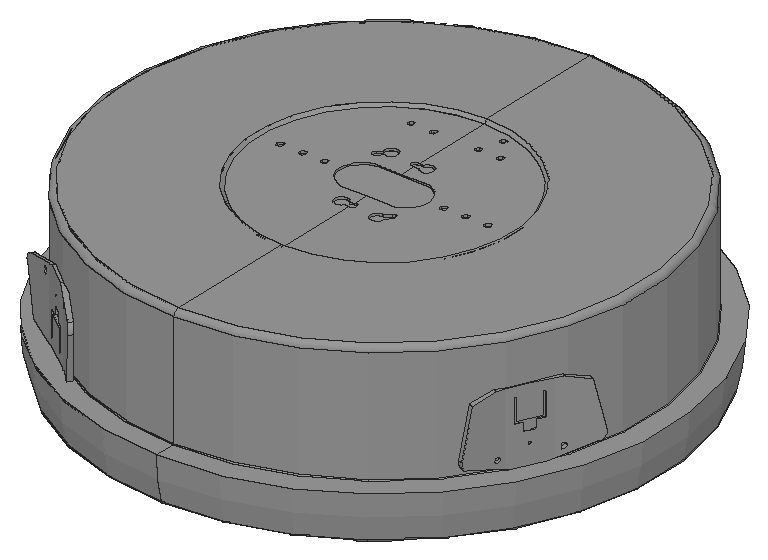
Revit family "Pelee Downlighter", category Lighting Fixtures, host Ceiling, Revit 2014
Parameters (values of type "Pelee_385_28 W_Downlighter")
  άͦ = "0"
  Youtube clip = ""
  Width = 385 mm
  Weight Net (Kg) = "0"
  Wattage = 17.8401 W
  Watt = "28 W"
  built-in parameter 1150110 = 1 (stored number, unit not read)
  Visible 385 = yes
  Visible 250 = no
  Uniclass 2.0 Description = ""
  Uniclass 2.0 Code = ""
  Uniclass 1.4 Description = ""
  Uniclass 1.4 Code = ""
  URL = "http://focuslighting.bimobject.com/fl_pel_385"
  UNSPSC Code = "391016"
  built-in parameter 1114217 = 1 (stored number, unit not read)
  Tilt Angle = 60.00°
  built-in parameter 1150109 = 1 (stored number, unit not read)
  built-in parameter 1150134 = 1
  Technical description = "http://www.focus-lighting.dk/media/pdf/28330_pel-e385.pdf"
  built-in parameter 1150113 = 1 (stored number, unit not read)
  Region South America = "None"
  Region Oceania = "None"
  Region North America = "None"
  Region Middle East = "None"
  Region Europe = "DE, DK, SE"
  Region Asia = "None"
  Region Antarctica = "None"
  Region Africa = "None"
  QR code = "http://focuslighting.bimobject.com/fl_pel_385"
  Product group = "Downlighters"
  Product family = "Indoor"
  Product data url = "http://www.focus-lighting.dk/showproduct.php?productId=56&productVariantId=78#description"
  Product certification = ""
  Product SKU = "fl_pel_385"
  Photometric Web File = "BS700-70D.ies"
  Output Ratio = "82 percent"
  Operational Life = "min 50,000 hours at ta 25ºC"
  Nominal width = "385"
  Nominal height = "114"
  NBS Reference Description = ""
  NBS Reference Code = ""
  Material Secondary = Acrylic-Focus Lighting-Switch-Polished
  Material Main = Aluminum-Focus Lighting-Pelee 385-Satin
  Manufacturer url = "http://www.focus-lighting.dk"
  Manufacturer name = "Focus Lighting"
  Manufacturer country = "Denmark"
  Lumens = 2650 lm
  built-in parameter 1150115 = 1 (stored number, unit not read)
  built-in parameter 1150105 = 210.88 (stored number, unit not read)
  built-in parameter 1150137 = (empty or 0)
  built-in parameter 1150139 = (empty or 0)
  built-in parameter 1150112 = 1 (stored number, unit not read)
  built-in parameter 1150114 = 1 (stored number, unit not read)
  Installation instructions = "http://www.focus-lighting.dk/media/pdf/pelee385_1.pdf"
  built-in parameter 1150132 = 2
  built-in parameter 1150102 = (empty or 0)
  built-in parameter 1150138 = (empty or 0)
  built-in parameter 1150107 = 6500 (stored number, unit not read)
  built-in parameter 1150106 = 2.1088 (stored number, unit not read)
  IFC Classification = "Light Fixture"
  Focus = "2.65x"
  built-in parameter 1150104 = 13.8 (stored number, unit not read)
  Edition number = "1"
  EAN code = ""
  Driver = "350-700 mA, extra for dimming"
  Dimming Lamp Color Temperature Shift = <None>
  Design country = "Denmark"
  Description = "Pelée or Mount Pelée is the name of an active volcano at the island of Martinique. It has inspired Cubo Architects to create the Pelée downlight, the conical inner circles of which diffuse light in a pleasant and non-glaring way. The light source is LED, and Pelée is available in two sizes: 250 and 385 mm."
  Depth = "385"
  Deep = 385 mm
  Date of publishing = ""
  Colour Temperature = "3000 Kelvin"
  Colour Rendering = "min 80 ra"
  Color Filter = 16777215
  Candela = "884.3 cd"
  COBIe Type Category = ""
  built-in parameter 1114218 = 1 (stored number, unit not read)
  BIMobject category = "Lighting"
  built-in parameter 1150133 = 10 (stored number, unit not read)
Reference planes
  plane 1 "Light Source Axis (F/B)": y = 0
  plane 2: z = 0
  plane 3 "Light Source Axis (L/R)": x = 0
  plane 4 "Ceiling": z = 0
  plane 5 "Light Source Elevation": z = 0
  plane 6: x = -192.5
  plane 7: x = 192.5
  plane 8: y = 192.5
  plane 9: y = -192.5
Dimensions and locks
  equal spacing: host sketch curve, plane 3 "Light Source Axis (L/R)", host sketch curve
  equal spacing: host sketch curve, plane 1 "Light Source Axis (F/B)", host sketch curve
  host sketch curve to host sketch curve = 4000 mm  (x2)
  locked: plane 4 "Ceiling" to host ceiling at 0
  level to plane 5 "Light Source Elevation" = 0 mm
  "Width": plane 6 to plane 7
  equal spacing: plane 6, plane 3 "Light Source Axis (L/R)", plane 7
  "Deep": plane 8 to plane 9
  equal spacing: plane 8, plane 1 "Light Source Axis (F/B)", plane 9
  aligned and locked: plane 3 "Light Source Axis (L/R)" to imposter light
  aligned and locked: plane 1 "Light Source Axis (F/B)" to imposter light
  aligned and locked: plane 5 "Light Source Elevation" to imposter light
  aligned and locked: imposter light to plane 4 "Ceiling"
  aligned and locked: plane 5 "Light Source Elevation" to level
  aligned and locked: level to imposter light
  aligned and locked: level to nested 2
Nested families
  nested 1: "250 Downlighter" at (0, 0, 81) x (1, 0, 0) z (0, 0, -1), visible <- "Visible 250", type "250 Downlighter"
    with Visible 250 no
  nested 2: "385 Downlighter" at (0, 0, 0) x (0, 1, 0) z (0, 0, -1), visible <- "Visible 385", type "385 Downlighter"
Definition of nested family "385 Downlighter"
  Parameters (values of type "385 Downlighter")
    Width = 385 mm
    Visible 385 = yes
    Matyerial Main = Aluminum-Focus Lighting-Pelee 385-Satin
    Material secondary = Acrylic-Focus Lighting-Switch-Polished
    Material Main = ""
    Height = 31 mm
    Default Elevation = 1219.2 mm
    Deep = 385 mm
  Reference planes
    plane 1 "Center (Front/Back)": y = 0
    plane 2: z = 0
    plane 3 "Center (Left/Right)": x = 0
    plane 4: x = -192.5
    plane 5: x = 192.5
    plane 6: y = 192.5
    plane 7: y = -192.5
    plane 8: z = 31
    plane 9: x = -192.5
    plane 10: z = -81
  Forms (mm)
    Extrusion 1, solid
      sketch origin (0, 0, 0) x (1, 0, 0) y (0, 1, 0)
        loop
          line (-1219.2, 1219.2) -> (-1219.2, -1219.2) -> (1219.2, -1219.2) -> (1219.2, 1219.2) -> (-1219.2, 1219.2)
      from 0 to -304.8
    Revolve 2, solid, material "Aluminum-Focus Lighting-Pelee 385-Satin" <- "Matyerial Main", visible <- "Visible 385", detail levels fine
      sketch origin (0, 0, 1419) x (1, 0, 0) y (0, 0, 1)
        loop
          arc (-187.678, -1388.613) -> (-191.02, -1403.659) -> (-192.5, -1419) r 126.034
          line (-192.5, -1419) -> (-178.1, -1419)
          arc (-178.1, -1419) -> (-177.676, -1419.176) -> (-177.5, -1419.6) r 0.6
          line (-177.5, -1419.6) -> (-177.5, -1496)
          arc (-177.5, -1496) -> (-176.328, -1498.828) -> (-173.5, -1500) r 4
          line (-173.5, -1500) -> (-86.75, -1500) -> (-84.813, -1498.062) -> (0, -1498.062) -> (0, -1497.062) -> (-85.227, -1497.062) -> (-87.164, -1499) -> (-173.5, -1499)
          arc (-173.5, -1499) -> (-175.621, -1498.121) -> (-176.5, -1496) r 3
          line (-176.5, -1496) -> (-176.5, -1420) -> (0, -1420) -> (0, -1419) -> (-164.038, -1419) -> (-164.038, -1414.774) -> (-161.038, -1414.774) -> (-161.169, -1413.274)
          arc (-161.169, -1413.274) -> (-161.443, -1412.718) -> (-162.021, -1412.493) r 0.855
          line (-162.021, -1412.493) -> (-163.15, -1412.493)
          arc (-163.15, -1412.493) -> (-163.728, -1412.269) -> (-164.002, -1411.713) r 0.855
          line (-164.002, -1411.713) -> (-164.133, -1410.213)
          arc (-164.133, -1410.213) -> (-164.408, -1409.656) -> (-164.986, -1409.432) r 0.855
          line (-164.986, -1409.432) -> (-166.114, -1409.432)
          arc (-166.114, -1409.432) -> (-166.692, -1409.207) -> (-166.966, -1408.651) r 0.855
          line (-166.966, -1408.651) -> (-167.098, -1407.151)
          arc (-167.098, -1407.151) -> (-167.372, -1406.595) -> (-167.95, -1406.37) r 0.855
          line (-167.95, -1406.37) -> (-169.078, -1406.37)
          arc (-169.078, -1406.37) -> (-169.656, -1406.145) -> (-169.931, -1405.589) r 0.855
          line (-169.931, -1405.589) -> (-170.062, -1404.089)
          arc (-170.062, -1404.089) -> (-170.336, -1403.533) -> (-170.914, -1403.308) r 0.855
          line (-170.914, -1403.308) -> (-172.043, -1403.308)
          arc (-172.043, -1403.308) -> (-172.621, -1403.084) -> (-172.895, -1402.528) r 0.855
          line (-172.895, -1402.528) -> (-173.026, -1401.028)
          arc (-173.026, -1401.028) -> (-173.3, -1400.471) -> (-173.878, -1400.247) r 0.855
          line (-173.878, -1400.247) -> (-175.007, -1400.247)
          arc (-175.007, -1400.247) -> (-175.585, -1400.022) -> (-175.859, -1399.466) r 0.855
          line (-175.859, -1399.466) -> (-175.99, -1397.966)
          arc (-175.99, -1397.966) -> (-176.264, -1397.41) -> (-176.842, -1397.185) r 0.855
          line (-176.842, -1397.185) -> (-177.971, -1397.185)
          arc (-177.971, -1397.185) -> (-178.549, -1396.96) -> (-178.823, -1396.404) r 0.855
          line (-178.823, -1396.404) -> (-178.954, -1394.904)
          arc (-178.954, -1394.904) -> (-179.229, -1394.348) -> (-179.807, -1394.123) r 0.855
          line (-179.807, -1394.123) -> (-180.935, -1394.123)
          arc (-180.935, -1394.123) -> (-181.513, -1393.899) -> (-181.787, -1393.343) r 0.855
          line (-181.787, -1393.343) -> (-181.919, -1391.843)
          arc (-181.919, -1391.843) -> (-182.193, -1391.286) -> (-182.771, -1391.062) r 0.855
          line (-182.771, -1391.062) -> (-183.899, -1391.062)
          arc (-183.899, -1391.062) -> (-184.477, -1390.837) -> (-184.752, -1390.281) r 0.855
          line (-184.752, -1390.281) -> (-184.883, -1388.781)
          arc (-184.883, -1388.781) -> (-185.157, -1388.225) -> (-185.735, -1388) r 0.855
          line (-185.735, -1388) -> (-186.864, -1388)
          arc (-186.864, -1388) -> (-187.373, -1388.17) -> (-187.678, -1388.613) r 0.847
        axis (0, -1388) -> (0, -1500)
      angle from 0 to 360
    Extrusion 3, void
      sketch origin (0, 0, 1419) x (0, -1, 0) y (1, 0, 0)
        loop
          line (-15, -15) -> (15, -15)
          arc (15, -15) -> (30, 0) -> (15, 15) r 15
          line (15, 15) -> (-15, 15)
          arc (-15, 15) -> (-30, 0) -> (-15, -15) r 15
        loop
          circle (-40.144, 0) r 2.25
        loop
          circle (-55.144, 0) r 2.25
        loop
          circle (-70.144, 0) r 2.25
        loop
          circle (40.144, 0) r 2.25
        loop
          circle (55.144, 0) r 2.25
        loop
          circle (70.144, 0) r 2.25
        loop
          arc (3.02, -29.79) -> (11.388, -27.49) -> (3.02, -25.19) r 4.5
          line (3.02, -25.19) -> (-1.25, -25.19)
          arc (-1.25, -25.19) -> (-3.55, -27.49) -> (-1.25, -29.79) r 2.3
          line (-1.25, -29.79) -> (3.02, -29.79)
        loop
          arc (-23.343, -28.481) -> (-15.799, -32.772) -> (-20.09, -25.228) r 4.5
          line (-20.09, -25.228) -> (-23.11, -22.209)
          arc (-23.11, -22.209) -> (-26.362, -22.209) -> (-26.362, -25.462) r 2.3
          line (-26.362, -25.462) -> (-23.343, -28.481)
        loop
          arc (-3.02, 29.79) -> (-11.388, 27.49) -> (-3.02, 25.19) r 4.5
          line (-3.02, 25.19) -> (1.25, 25.19)
          arc (1.25, 25.19) -> (3.55, 27.49) -> (1.25, 29.79) r 2.3
          line (1.25, 29.79) -> (-3.02, 29.79)
        loop
          arc (23.343, 28.481) -> (15.799, 32.772) -> (20.09, 25.228) r 4.5
          line (20.09, 25.228) -> (23.11, 22.209)
          arc (23.11, 22.209) -> (26.362, 22.209) -> (26.362, 25.462) r 2.3
          line (26.362, 25.462) -> (23.343, 28.481)
        loop
          circle (30.191, 60.635) r 2
        loop
          circle (15.191, 60.635) r 2
        loop
          circle (-30.191, 60.635) r 2
        loop
          circle (-15.191, 60.635) r 2
        loop
          circle (-19.923, 75.858) r 2
      from -1497.062 to -1499
    Extrusion 4, solid, visible <- "Visible 385", detail levels coarse
      sketch origin (0, 0, -1469) x (0, -1, 0) y (1, 0, 0)
        loop
          circle (0, 0) r 192.5
      from 1388 to 1500
    Revolve 5, solid, visible <- "Visible 385", detail levels medium
      sketch origin (0, 0, 1419) x (1, 0, 0) y (0, 0, 1)
        loop
          line (-192.5, -1419) -> (-177.5, -1419) -> (-177.5, -1500) -> (0, -1500) -> (0, -1388) -> (-187.477, -1388)
          arc (-187.477, -1388) -> (-190.972, -1403.341) -> (-192.5, -1419) r 124.31
        axis (0, -1388) -> (0, -1500)
      angle from 0 to 360
  Cuts and joins
    Extrusion 3 cuts Revolve 2
  Lines and regions (mm)
    symbolic lines, visible <- "Visible 385"
      curve 1: arc (-192.5, 0, 0) -> (0, 192.5, 0) -> (192.5, 0, 0) r 192.5
      curve 2: arc (192.5, 0, 0) -> (0, -192.5, 0) -> (-192.5, 0, 0) r 192.5
      curve 65: line (-192.5, 0, 0) -> (-178.1, 0, 0)
      curve 66: arc (-192.5, 0, 0) -> (-191.041, 0, 15.224) -> (-187.724, 0, 30.154) r 124.31
      curve 67: arc (-187.724, 0, 30.154) -> (-187.526, 0, 30.703) -> (-187.024, 0, 31) r 0.861
      curve 68: line (-187.024, 0, 31) -> (187.024, 0, 31)
      curve 69: line (173.484, 0, -81) -> (-173.484, 0, -81)
      curve 70: line (-177.5, 0, -76.984) -> (-177.5, 0, -0.601)
      curve 71: arc (-177.5, 0, -76.984) -> (-176.324, 0, -79.824) -> (-173.484, 0, -81) r 4.016
      curve 72: arc (-177.5, 0, -0.601) -> (-177.676, 0, -0.176) -> (-178.1, 0, 0) r 0.6
      curve 107: line (177.5, 0, -76.984) -> (177.5, 0, -49.521)
      curve 108: arc (177.5, 0, -76.984) -> (176.324, 0, -79.824) -> (173.484, 0, -81) r 4.016
      curve 109: line (178.689, 0, -49.521) -> (177.5, 0, -49.521)
      curve 111: spline (183.025, 0, -41.777) -> (182.482, 0, -42.415) -> (181.972, 0, -43.054) -> (181.495, 0, -43.695) -> (181.05, 0, -44.338) -> (180.639, 0, -44.982) -> (180.261, 0, -45.627) -> (179.916, 0, -46.273) -> (179.604, 0, -46.921) -> (179.325, 0, -47.57) -> (179.08, 0, -48.219) -> (178.867, 0, -48.87) -> (178.689, 0, -49.521)
      curve 112: spline (183.868, 0, -35.807) -> (183.895, 0, -36.437) -> (183.903, 0, -37.076) -> (183.891, 0, -37.712) -> (183.859, 0, -38.337) -> (183.808, 0, -38.938) -> (183.739, 0, -39.508) -> (183.653, 0, -40.035) -> (183.552, 0, -40.513) -> (183.436, 0, -40.932) -> (183.308, 0, -41.286) -> (183.171, 0, -41.569) -> (183.025, 0, -41.777)
      curve 115: spline (182.15, 0, -4.012) -> (182.281, 0, -6.662) -> (182.414, 0, -9.312) -> (182.549, 0, -11.962) -> (182.687, 0, -14.612) -> (182.826, 0, -17.262) -> (182.968, 0, -19.912) -> (183.113, 0, -22.561) -> (183.259, 0, -25.211) -> (183.408, 0, -27.86) -> (183.559, 0, -30.509) -> (183.712, 0, -33.158) -> (183.868, 0, -35.807)
      curve 117: spline (179.643, 0, 0) -> (179.803, 0, -0.336) -> (179.972, 0, -0.672) -> (180.15, 0, -1.008) -> (180.336, 0, -1.343) -> (180.532, 0, -1.678) -> (180.737, 0, -2.013) -> (180.95, 0, -2.347) -> (181.172, 0, -2.681) -> (181.404, 0, -3.014) -> (181.644, 0, -3.347) -> (181.893, 0, -3.68) -> (182.15, 0, -4.012)
      curve 120: arc (192.5, 0, 0) -> (191.041, 0, 15.224) -> (187.724, 0, 30.154) r 124.31
      curve 121: arc (187.724, 0, 30.154) -> (187.526, 0, 30.703) -> (187.024, 0, 31) r 0.861
      curve 122: line (176.746, 0, 0) -> (179.643, 0, 0)
      curve 123: line (179.643, 0, 0) -> (192.5, 0, 0)
      curve 125: line (0, -192.5, 0) -> (0, -178.099, 0)
      curve 126: spline (0, 183.803, -36.065) -> (0, 183.851, -36.682) -> (0, 183.849, -37.303) -> (0, 183.799, -37.919) -> (0, 183.7, -38.52) -> (0, 183.555, -39.096) -> (0, 183.365, -39.64) -> (0, 183.134, -40.143) -> (0, 182.865, -40.596) -> (0, 182.562, -40.993) -> (0, 182.23, -41.328) -> (0, 181.874, -41.596) -> (0, 181.5, -41.792)
      curve 127: spline (0, 181.5, -41.792) -> (0, 181.16, -41.934) -> (0, 180.82, -42.077) -> (0, 180.482, -42.219) -> (0, 180.145, -42.362) -> (0, 179.81, -42.505) -> (0, 179.476, -42.647) -> (0, 179.143, -42.79) -> (0, 178.812, -42.933) -> (0, 178.482, -43.076) -> (0, 178.153, -43.22) -> (0, 177.826, -43.363) -> (0, 177.5, -43.506)
      curve 137: spline (0, 177.5, -3.335) -> (0, 177.628, -3.392) -> (0, 177.757, -3.448) -> (0, 177.886, -3.505) -> (0, 178.014, -3.561) -> (0, 178.144, -3.618) -> (0, 178.273, -3.674) -> (0, 178.402, -3.73) -> (0, 178.532, -3.787) -> (0, 178.662, -3.843) -> (0, 178.792, -3.899) -> (0, 178.923, -3.956) -> (0, 179.053, -4.012)
      curve 138: spline (0, 179.053, -4.012) -> (0, 179.438, -6.684) -> (0, 179.824, -9.356) -> (0, 180.213, -12.027) -> (0, 180.603, -14.698) -> (0, 180.996, -17.37) -> (0, 181.391, -20.041) -> (0, 181.788, -22.712) -> (0, 182.187, -25.383) -> (0, 182.588, -28.054) -> (0, 182.991, -30.724) -> (0, 183.396, -33.395) -> (0, 183.803, -36.065)
      curve 139: line (0, -173.467, -81) -> (0, 173.5, -81)
      curve 140: line (0, 177.5, -77) -> (0, 177.5, -43.506)
      curve 141: arc (0, 177.5, -77) -> (0, 176.328, -79.829) -> (0, 173.5, -81) r 4
      curve 142: arc (0, 178.099, 0) -> (0, 177.676, -0.176) -> (0, 177.5, -0.599) r 0.599
      curve 143: line (0, 177.5, -3.335) -> (0, 177.5, -0.599)
      curve 147: line (0, 178.099, 0) -> (0, 192.5, 0)
      curve 168: line (0, -177.5, -77) -> (0, -177.5, -0.599)
      curve 169: arc (0, -177.5, -77) -> (0, -176.317, -79.84) -> (0, -173.467, -81) r 4
      curve 170: arc (0, -178.099, 0) -> (0, -177.675, -0.176) -> (0, -177.5, -0.599) r 0.599
      curve 205: line (0, -186.938, 31) -> (0, 186.938, 31)
      curve 206: arc (0, 192.5, 0) -> (0, 191.049, 15.261) -> (0, 187.713, 30.225) r 123.09
      curve 207: arc (0, 187.713, 30.225) -> (0, 187.486, 30.773) -> (0, 186.938, 31) r 0.775
      curve 208: arc (0, -192.5, 0) -> (0, -191.049, 15.261) -> (0, -187.713, 30.225) r 123.09
      curve 209: arc (0, -187.713, 30.225) -> (0, -187.486, 30.773) -> (0, -186.938, 31) r 0.775
    symbolic lines, visible <- "Visible 385", detail levels medium+fine
      curve 3: arc (86.75, 0, 0) -> (0, -86.75, 0) -> (-86.75, 0, 0) r 86.75
      curve 4: arc (-86.75, 0, 0) -> (0, 86.75, 0) -> (86.75, 0, 0) r 86.75
      curve 5: arc (84.813, 0, 0) -> (0, 84.813, 0) -> (-84.813, 0, 0) r 84.813
      curve 6: arc (-84.813, 0, 0) -> (0, -84.813, 0) -> (84.813, 0, 0) r 84.813
      curve 49: circle (0, 0, 0) r 177.5 normal (0, 0, 1)
      curve 50: arc (-64.94, -176.519, 0) -> (-97.772, -149.114, 0) -> (-136.206, -130.357, 0) r 177.5
      curve 51: arc (-134.563, -127.869, 0) -> (-123.346, -132.241, 0) -> (-112.442, -137.343, 0) r 182.5
      curve 52: line (-136.206, -130.357, 0) -> (-134.563, -127.869, 0)
      curve 53: line (-64.94, -176.519, 0) -> (-63.234, -173.936, 0)
      curve 54: arc (-117.975, 146.485, 0) -> (-77.585, 160.545, 0) -> (-41.731, 183.857, 0) r 177.5
      curve 55: arc (-40.442, 181.169, 0) -> (-49.961, 173.798, 0) -> (-59.945, 167.071, 0) r 182.5
      curve 56: arc (183.014, 43.38, 0) -> (178.307, 0.871, 0) -> (183.905, -41.531, 0) r 177.5
      curve 57: arc (180.922, -41.531, 0) -> (178.37, -29.766, 0) -> (176.599, -17.858, 0) r 182.5
      curve 58: line (183.014, 43.38, 0) -> (179.92, 43.38, 0)
      curve 59: line (180.922, -41.531, 0) -> (183.905, -41.531, 0)
      curve 60: line (-40.442, 181.169, 0) -> (-41.731, 183.857, 0)
      curve 61: line (-116.637, 143.694, 0) -> (-117.975, 146.485, 0)
      curve 62: arc (-94.725, 150.112, 0) -> (-105.58, 146.56, 0) -> (-116.637, 143.694, 0) r 182.5
      curve 63: arc (-80.008, -158.445, 0) -> (-71.379, -165.928, 0) -> (-63.234, -173.936, 0) r 182.5
      curve 64: arc (176.273, 20.835, 0) -> (177.744, 32.165, 0) -> (179.92, 43.38, 0) r 182.5
      curve 73: spline (-115.141, 0, 0) -> (-116.275, 0, -0.336) -> (-117.413, 0, -0.672) -> (-118.555, 0, -1.008) -> (-119.701, 0, -1.343) -> (-120.851, 0, -1.678) -> (-122.004, 0, -2.013) -> (-123.162, 0, -2.347) -> (-124.323, 0, -2.681) -> (-125.487, 0, -3.014) -> (-126.656, 0, -3.347) -> (-127.827, 0, -3.68) -> (-129.003, 0, -4.012)
      curve 74: spline (-129.003, 0, -4.012) -> (-129.589, 0, -6.684) -> (-130.177, 0, -9.355) -> (-130.767, 0, -12.027) -> (-131.357, 0, -14.698) -> (-131.949, 0, -17.369) -> (-132.542, 0, -20.04) -> (-133.136, 0, -22.711) -> (-133.731, 0, -25.382) -> (-134.328, 0, -28.053) -> (-134.926, 0, -30.723) -> (-135.525, 0, -33.394) -> (-136.126, 0, -36.064)
      curve 75: spline (-136.126, 0, -36.064) -> (-136.195, 0, -36.682) -> (-136.192, 0, -37.304) -> (-136.116, 0, -37.921) -> (-135.968, 0, -38.523) -> (-135.751, 0, -39.1) -> (-135.468, 0, -39.645) -> (-135.123, 0, -40.148) -> (-134.723, 0, -40.601) -> (-134.272, 0, -40.998) -> (-133.778, 0, -41.333) -> (-133.249, 0, -41.599) -> (-132.692, 0, -41.794)
      curve 76: spline (-132.692, 0, -41.794) -> (-130.416, 0, -42.43) -> (-128.152, 0, -43.068) -> (-125.901, 0, -43.708) -> (-123.663, 0, -44.349) -> (-121.438, 0, -44.991) -> (-119.228, 0, -45.635) -> (-117.032, 0, -46.28) -> (-114.85, 0, -46.926) -> (-112.684, 0, -47.573) -> (-110.534, 0, -48.221) -> (-108.399, 0, -48.87) -> (-106.28, 0, -49.519)
      curve 77: line (-87.892, 0, -49.519) -> (-106.28, 0, -49.519)
      curve 78: spline (-89.498, 0, -49.519) -> (-87.552, 0, -48.871) -> (-85.626, 0, -48.223) -> (-83.721, 0, -47.576) -> (-81.835, 0, -46.93) -> (-79.971, 0, -46.285) -> (-78.127, 0, -45.64) -> (-76.305, 0, -44.997) -> (-74.505, 0, -44.354) -> (-72.727, 0, -43.713) -> (-70.971, 0, -43.074) -> (-69.238, 0, -42.436) -> (-67.527, 0, -41.8)
      curve 79: spline (-65.849, 0, -41.804) -> (-67.57, 0, -42.44) -> (-69.312, 0, -43.078) -> (-71.077, 0, -43.718) -> (-72.863, 0, -44.359) -> (-74.67, 0, -45.001) -> (-76.498, 0, -45.644) -> (-78.347, 0, -46.288) -> (-80.217, 0, -46.933) -> (-82.106, 0, -47.578) -> (-84.015, 0, -48.225) -> (-85.944, 0, -48.872) -> (-87.892, 0, -49.519)
      curve 80: spline (-67.527, 0, -41.8) -> (-67.116, 0, -41.606) -> (-66.725, 0, -41.341) -> (-66.361, 0, -41.008) -> (-66.028, 0, -40.613) -> (-65.732, 0, -40.161) -> (-65.478, 0, -39.66) -> (-65.269, 0, -39.118) -> (-65.109, 0, -38.542) -> (-65, 0, -37.942) -> (-64.944, 0, -37.327) -> (-64.941, 0, -36.707) -> (-64.993, 0, -36.09)
      curve 81: spline (-63.295, 0, -36.046) -> (-63.242, 0, -36.667) -> (-63.244, 0, -37.292) -> (-63.301, 0, -37.912) -> (-63.411, 0, -38.518) -> (-63.572, 0, -39.099) -> (-63.783, 0, -39.646) -> (-64.039, 0, -40.152) -> (-64.338, 0, -40.608) -> (-64.674, 0, -41.007) -> (-65.041, 0, -41.343) -> (-65.435, 0, -41.61) -> (-65.849, 0, -41.804)
      curve 82: spline (-68.626, 0, -4.012) -> (-68.175, 0, -6.682) -> (-67.725, 0, -9.352) -> (-67.276, 0, -12.022) -> (-66.829, 0, -14.692) -> (-66.383, 0, -17.361) -> (-65.938, 0, -20.031) -> (-65.494, 0, -22.7) -> (-65.052, 0, -25.37) -> (-64.611, 0, -28.039) -> (-64.171, 0, -30.708) -> (-63.732, 0, -33.377) -> (-63.295, 0, -36.046)
      curve 83: spline (-64.993, 0, -36.09) -> (-65.428, 0, -33.418) -> (-65.864, 0, -30.745) -> (-66.302, 0, -28.072) -> (-66.741, 0, -25.399) -> (-67.181, 0, -22.726) -> (-67.623, 0, -20.053) -> (-68.066, 0, -17.38) -> (-68.51, 0, -14.706) -> (-68.955, 0, -12.033) -> (-69.402, 0, -9.359) -> (-69.85, 0, -6.686) -> (-70.299, 0, -4.012)
      curve 84: spline (-70.299, 0, -4.012) -> (-71.205, 0, -3.68) -> (-72.118, 0, -3.347) -> (-73.037, 0, -3.014) -> (-73.961, 0, -2.68) -> (-74.892, 0, -2.346) -> (-75.829, 0, -2.012) -> (-76.771, 0, -1.677) -> (-77.72, 0, -1.343) -> (-78.674, 0, -1.007) -> (-79.634, 0, -0.672) -> (-80.6, 0, -0.336) -> (-81.572, 0, 0)
      curve 85: spline (-79.946, 0, 0) -> (-78.972, 0, -0.336) -> (-78.003, 0, -0.672) -> (-77.039, 0, -1.007) -> (-76.082, 0, -1.342) -> (-75.129, 0, -1.677) -> (-74.183, 0, -2.012) -> (-73.242, 0, -2.346) -> (-72.307, 0, -2.68) -> (-71.378, 0, -3.013) -> (-70.455, 0, -3.347) -> (-69.537, 0, -3.679) -> (-68.626, 0, -4.012)
      curve 106: line (-115.141, 0, 0) -> (-79.946, 0, 0)
      curve 110: spline (175.801, 0, -49.521) -> (175.978, 0, -48.871) -> (176.188, 0, -48.222) -> (176.429, 0, -47.574) -> (176.704, 0, -46.927) -> (177.01, 0, -46.28) -> (177.348, 0, -45.635) -> (177.719, 0, -44.991) -> (178.122, 0, -44.348) -> (178.556, 0, -43.706) -> (179.023, 0, -43.066) -> (179.521, 0, -42.428) -> (180.051, 0, -41.791)
      curve 113: spline (180.051, 0, -41.791) -> (180.193, 0, -41.581) -> (180.328, 0, -41.291) -> (180.453, 0, -40.927) -> (180.567, 0, -40.493) -> (180.667, 0, -39.998) -> (180.752, 0, -39.45) -> (180.82, 0, -38.86) -> (180.87, 0, -38.236) -> (180.901, 0, -37.59) -> (180.913, 0, -36.933) -> (180.905, 0, -36.277) -> (180.878, 0, -35.633)
      curve 114: spline (180.878, 0, -35.633) -> (180.727, 0, -32.998) -> (180.578, 0, -30.364) -> (180.431, 0, -27.729) -> (180.287, 0, -25.094) -> (180.144, 0, -22.459) -> (180.004, 0, -19.824) -> (179.866, 0, -17.189) -> (179.73, 0, -14.554) -> (179.596, 0, -11.919) -> (179.464, 0, -9.283) -> (179.335, 0, -6.648) -> (179.208, 0, -4.012)
      curve 116: spline (179.208, 0, -4.012) -> (178.955, 0, -3.68) -> (178.711, 0, -3.347) -> (178.476, 0, -3.014) -> (178.249, 0, -2.68) -> (178.031, 0, -2.347) -> (177.821, 0, -2.012) -> (177.62, 0, -1.678) -> (177.428, 0, -1.343) -> (177.244, 0, -1.008) -> (177.07, 0, -0.672) -> (176.904, 0, -0.336) -> (176.746, 0, 0)
      curve 124: line (177.5, 0, -49.521) -> (175.801, 0, -49.521)
      curve 128: line (0, 165.178, -49.521) -> (0, 153.754, -49.521)
      curve 129: spline (0, 156.382, -49.521) -> (0, 155.456, -48.872) -> (0, 154.561, -48.225) -> (0, 153.696, -47.578) -> (0, 152.862, -46.932) -> (0, 152.059, -46.286) -> (0, 151.287, -45.642) -> (0, 150.547, -44.998) -> (0, 149.838, -44.356) -> (0, 149.161, -43.715) -> (0, 148.516, -43.076) -> (0, 147.902, -42.438) -> (0, 147.321, -41.802)
      curve 130: spline (0, 144.568, -41.815) -> (0, 145.166, -42.451) -> (0, 145.794, -43.088) -> (0, 146.454, -43.726) -> (0, 147.144, -44.366) -> (0, 147.865, -45.008) -> (0, 148.616, -45.65) -> (0, 149.397, -46.293) -> (0, 150.208, -46.937) -> (0, 151.05, -47.582) -> (0, 151.922, -48.228) -> (0, 152.823, -48.874) -> (0, 153.754, -49.521)
      curve 131: spline (0, 147.321, -41.802) -> (0, 147.178, -41.597) -> (0, 147.044, -41.314) -> (0, 146.919, -40.957) -> (0, 146.807, -40.531) -> (0, 146.709, -40.045) -> (0, 146.626, -39.506) -> (0, 146.561, -38.923) -> (0, 146.514, -38.307) -> (0, 146.486, -37.669) -> (0, 146.478, -37.018) -> (0, 146.489, -36.366) -> (0, 146.52, -35.724)
      curve 132: spline (0, 143.713, -36.042) -> (0, 143.697, -36.667) -> (0, 143.699, -37.297) -> (0, 143.718, -37.921) -> (0, 143.756, -38.53) -> (0, 143.81, -39.114) -> (0, 143.881, -39.665) -> (0, 143.967, -40.172) -> (0, 144.066, -40.628) -> (0, 144.178, -41.027) -> (0, 144.3, -41.361) -> (0, 144.431, -41.625) -> (0, 144.568, -41.815)
      curve 133: spline (0, 146.52, -35.724) -> (0, 146.655, -33.082) -> (0, 146.792, -30.44) -> (0, 146.931, -27.798) -> (0, 147.072, -25.155) -> (0, 147.215, -22.513) -> (0, 147.36, -19.87) -> (0, 147.507, -17.227) -> (0, 147.656, -14.584) -> (0, 147.807, -11.942) -> (0, 147.96, -9.298) -> (0, 148.115, -6.655) -> (0, 148.272, -4.012)
      curve 134: spline (0, 145.534, -4.012) -> (0, 145.371, -6.682) -> (0, 145.21, -9.351) -> (0, 145.051, -12.021) -> (0, 144.895, -14.69) -> (0, 144.74, -17.36) -> (0, 144.587, -20.029) -> (0, 144.437, -22.698) -> (0, 144.288, -25.367) -> (0, 144.141, -28.036) -> (0, 143.997, -30.705) -> (0, 143.854, -33.374) -> (0, 143.713, -36.042)
      curve 135: spline (0, 150.084, 0) -> (0, 149.659, -0.336) -> (0, 149.243, -0.672) -> (0, 148.835, -1.007) -> (0, 148.435, -1.342) -> (0, 148.043, -1.677) -> (0, 147.66, -2.012) -> (0, 147.285, -2.346) -> (0, 146.918, -2.68) -> (0, 146.559, -3.013) -> (0, 146.209, -3.347) -> (0, 145.867, -3.68) -> (0, 145.534, -4.012)
      curve 136: spline (0, 148.272, -4.012) -> (0, 148.598, -3.68) -> (0, 148.932, -3.347) -> (0, 149.275, -3.014) -> (0, 149.626, -2.68) -> (0, 149.986, -2.346) -> (0, 150.355, -2.012) -> (0, 150.732, -1.677) -> (0, 151.117, -1.343) -> (0, 151.512, -1.007) -> (0, 151.914, -0.672) -> (0, 152.325, -0.336) -> (0, 152.745, 0)
      curve 144: spline (0, 177.5, -43.506) -> (0, 176.381, -44.003) -> (0, 175.278, -44.501) -> (0, 174.192, -45) -> (0, 173.123, -45.5) -> (0, 172.07, -46.001) -> (0, 171.034, -46.502) -> (0, 170.015, -47.004) -> (0, 169.013, -47.506) -> (0, 168.028, -48.009) -> (0, 167.061, -48.512) -> (0, 166.111, -49.016) -> (0, 165.178, -49.521)
      curve 145: spline (0, 170.344, 0) -> (0, 170.912, -0.279) -> (0, 171.485, -0.558) -> (0, 172.063, -0.837) -> (0, 172.646, -1.116) -> (0, 173.235, -1.394) -> (0, 173.829, -1.672) -> (0, 174.428, -1.95) -> (0, 175.032, -2.228) -> (0, 175.642, -2.505) -> (0, 176.256, -2.782) -> (0, 176.876, -3.059) -> (0, 177.5, -3.335)
      curve 146: line (0, 150.084, 0) -> (0, 170.344, 0)
      curve 171: spline (0, -171.058, -4.012) -> (0, -170.18, -3.68) -> (0, -169.308, -3.347) -> (0, -168.443, -3.014) -> (0, -167.584, -2.68) -> (0, -166.732, -2.346) -> (0, -165.887, -2.012) -> (0, -165.049, -1.678) -> (0, -164.217, -1.343) -> (0, -163.392, -1.007) -> (0, -162.574, -0.672) -> (0, -161.763, -0.336) -> (0, -160.959, 0)
      curve 172: spline (0, -176.451, -36.023) -> (0, -175.991, -33.356) -> (0, -175.533, -30.689) -> (0, -175.077, -28.021) -> (0, -174.623, -25.354) -> (0, -174.171, -22.687) -> (0, -173.72, -20.019) -> (0, -173.272, -17.352) -> (0, -172.826, -14.684) -> (0, -172.381, -12.016) -> (0, -171.938, -9.348) -> (0, -171.497, -6.68) -> (0, -171.058, -4.012)
      curve 173: spline (0, -173.829, -41.798) -> (0, -174.255, -41.601) -> (0, -174.66, -41.332) -> (0, -175.038, -40.994) -> (0, -175.383, -40.594) -> (0, -175.689, -40.136) -> (0, -175.953, -39.628) -> (0, -176.169, -39.079) -> (0, -176.334, -38.496) -> (0, -176.447, -37.89) -> (0, -176.504, -37.269) -> (0, -176.505, -36.643) -> (0, -176.451, -36.023)
      curve 174: spline (0, -154.812, -49.52) -> (0, -156.255, -48.872) -> (0, -157.726, -48.224) -> (0, -159.222, -47.576) -> (0, -160.745, -46.93) -> (0, -162.293, -46.284) -> (0, -163.867, -45.64) -> (0, -165.466, -44.996) -> (0, -167.09, -44.354) -> (0, -168.738, -43.713) -> (0, -170.411, -43.073) -> (0, -172.108, -42.435) -> (0, -173.829, -41.798)
      curve 175: line (0, -141.526, -49.52) -> (0, -154.812, -49.52)
      curve 176: spline (0, -131.63, -41.805) -> (0, -132.49, -42.441) -> (0, -133.38, -43.077) -> (0, -134.301, -43.716) -> (0, -135.252, -44.356) -> (0, -136.233, -44.998) -> (0, -137.245, -45.641) -> (0, -138.286, -46.285) -> (0, -139.358, -46.93) -> (0, -140.459, -47.576) -> (0, -141.589, -48.223) -> (0, -142.749, -48.871) -> (0, -143.937, -49.52)
      curve 177: spline (0, -141.526, -49.52) -> (0, -140.336, -48.871) -> (0, -139.175, -48.223) -> (0, -138.041, -47.575) -> (0, -136.937, -46.929) -> (0, -135.861, -46.283) -> (0, -134.814, -45.638) -> (0, -133.796, -44.995) -> (0, -132.807, -44.353) -> (0, -131.848, -43.712) -> (0, -130.919, -43.073) -> (0, -130.019, -42.435) -> (0, -129.149, -41.799)
      curve 178: spline (0, -130.384, -36.06) -> (0, -130.36, -36.682) -> (0, -130.363, -37.308) -> (0, -130.392, -37.929) -> (0, -130.447, -38.535) -> (0, -130.526, -39.116) -> (0, -130.629, -39.663) -> (0, -130.754, -40.167) -> (0, -130.899, -40.622) -> (0, -131.062, -41.018) -> (0, -131.24, -41.351) -> (0, -131.431, -41.615) -> (0, -131.63, -41.805)
      curve 179: spline (0, -129.149, -41.799) -> (0, -128.932, -41.593) -> (0, -128.727, -41.306) -> (0, -128.537, -40.944) -> (0, -128.365, -40.514) -> (0, -128.215, -40.021) -> (0, -128.089, -39.476) -> (0, -127.989, -38.887) -> (0, -127.917, -38.265) -> (0, -127.875, -37.62) -> (0, -127.863, -36.964) -> (0, -127.88, -36.307) -> (0, -127.928, -35.662)
      curve 180: spline (0, -127.928, -35.662) -> (0, -128.138, -33.025) -> (0, -128.35, -30.388) -> (0, -128.564, -27.751) -> (0, -128.779, -25.114) -> (0, -128.996, -22.477) -> (0, -129.216, -19.839) -> (0, -129.437, -17.202) -> (0, -129.659, -14.564) -> (0, -129.884, -11.926) -> (0, -130.111, -9.288) -> (0, -130.339, -6.65) -> (0, -130.569, -4.012)
      curve 181: spline (0, -133.025, -4.012) -> (0, -132.795, -6.683) -> (0, -132.566, -9.355) -> (0, -132.339, -12.026) -> (0, -132.114, -14.697) -> (0, -131.891, -17.367) -> (0, -131.67, -20.038) -> (0, -131.451, -22.709) -> (0, -131.233, -25.379) -> (0, -131.018, -28.05) -> (0, -130.805, -30.72) -> (0, -130.593, -33.39) -> (0, -130.384, -36.06)
      curve 182: spline (0, -130.569, -4.012) -> (0, -131.043, -3.68) -> (0, -131.526, -3.347) -> (0, -132.016, -3.014) -> (0, -132.514, -2.681) -> (0, -133.02, -2.347) -> (0, -133.535, -2.013) -> (0, -134.057, -1.678) -> (0, -134.587, -1.343) -> (0, -135.125, -1.008) -> (0, -135.671, -0.672) -> (0, -136.225, -0.336) -> (0, -136.786, 0)
      curve 183: spline (0, -139.204, 0) -> (0, -138.644, -0.336) -> (0, -138.093, -0.672) -> (0, -137.549, -1.008) -> (0, -137.014, -1.343) -> (0, -136.486, -1.678) -> (0, -135.967, -2.013) -> (0, -135.456, -2.347) -> (0, -134.954, -2.681) -> (0, -134.459, -3.014) -> (0, -133.973, -3.347) -> (0, -133.495, -3.68) -> (0, -133.025, -4.012)
      curve 204: line (0, -160.959, 0) -> (0, -136.786, 0)
    symbolic lines, visible <- "Visible 385", detail levels fine
      curve 7: arc (-15, -15, 0) -> (0, -30, 0) -> (15, -15, 0) r 15
      curve 8: line (15, -15, 0) -> (15, 15, 0)
      curve 9: line (-15, 15, 0) -> (-15, -15, 0)
      curve 10: arc (15, 15, 0) -> (0, 30, 0) -> (-15, 15, 0) r 15
      curve 11: arc (-25.228, 20.09, 0) -> (-32.772, 15.799, 0) -> (-28.481, 23.343, 0) r 4.5
      curve 12: line (-28.481, 23.343, 0) -> (-25.462, 26.362, 0)
      curve 13: arc (-25.462, 26.362, 0) -> (-22.209, 26.362, 0) -> (-22.209, 23.11, 0) r 2.3
      curve 14: line (-22.209, 23.11, 0) -> (-25.228, 20.09, 0)
      curve 15: arc (-29.79, -3.02, 0) -> (-27.49, -11.388, 0) -> (-25.19, -3.02, 0) r 4.5
      curve 16: line (-25.19, -3.02, 0) -> (-25.19, 1.25, 0)
      curve 17: line (-29.79, 1.25, 0) -> (-29.79, -3.02, 0)
      curve 18: arc (-25.19, 1.25, 0) -> (-27.49, 3.55, 0) -> (-29.79, 1.25, 0) r 2.3
      curve 19: arc (25.228, -20.09, 0) -> (32.772, -15.799, 0) -> (28.481, -23.343, 0) r 4.5
      curve 20: line (28.481, -23.343, 0) -> (25.462, -26.362, 0)
      curve 21: arc (25.462, -26.362, 0) -> (22.209, -26.362, 0) -> (22.209, -23.11, 0) r 2.3
      curve 22: line (22.209, -23.11, 0) -> (25.228, -20.09, 0)
      curve 23: arc (62.635, -30.191, 0) -> (60.635, -32.191, 0) -> (58.635, -30.191, 0) r 2
      curve 24: arc (58.635, -30.191, 0) -> (60.635, -28.191, 0) -> (62.635, -30.191, 0) r 2
      curve 25: arc (62.635, -15.191, 0) -> (60.635, -17.191, 0) -> (58.635, -15.191, 0) r 2
      curve 26: arc (58.635, -15.191, 0) -> (60.635, -13.191, 0) -> (62.635, -15.191, 0) r 2
      curve 27: arc (62.635, 15.191, 0) -> (60.635, 13.191, 0) -> (58.635, 15.191, 0) r 2
      curve 28: arc (58.635, 15.191, 0) -> (60.635, 17.191, 0) -> (62.635, 15.191, 0) r 2
      curve 29: arc (62.635, 30.191, 0) -> (60.635, 28.191, 0) -> (58.635, 30.191, 0) r 2
      curve 30: arc (58.635, 30.191, 0) -> (60.635, 32.191, 0) -> (62.635, 30.191, 0) r 2
      curve 31: arc (77.858, 19.923, 0) -> (75.858, 17.923, 0) -> (73.858, 19.923, 0) r 2
      curve 32: arc (73.858, 19.923, 0) -> (75.858, 21.923, 0) -> (77.858, 19.923, 0) r 2
      curve 33: arc (29.79, 3.02, 0) -> (27.49, 11.388, 0) -> (25.19, 3.02, 0) r 4.5
      curve 34: line (29.79, -1.25, 0) -> (29.79, 3.02, 0)
      curve 35: line (25.19, 3.02, 0) -> (25.19, -1.25, 0)
      curve 36: arc (25.19, -1.25, 0) -> (27.49, -3.55, 0) -> (29.79, -1.25, 0) r 2.3
      curve 37: arc (2.25, -40.144, 0) -> (0, -42.394, 0) -> (-2.25, -40.144, 0) r 2.25
      curve 38: arc (-2.25, -40.144, 0) -> (0, -37.894, 0) -> (2.25, -40.144, 0) r 2.25
      curve 39: arc (2.25, -55.144, 0) -> (0, -57.394, 0) -> (-2.25, -55.144, 0) r 2.25
      curve 40: arc (-2.25, -55.144, 0) -> (0, -52.894, 0) -> (2.25, -55.144, 0) r 2.25
      curve 41: arc (2.25, -70.144, 0) -> (0, -72.394, 0) -> (-2.25, -70.144, 0) r 2.25
      curve 42: arc (-2.25, -70.144, 0) -> (0, -67.894, 0) -> (2.25, -70.144, 0) r 2.25
      curve 43: arc (2.25, 40.144, 0) -> (0, 37.894, 0) -> (-2.25, 40.144, 0) r 2.25
      curve 44: arc (-2.25, 40.144, 0) -> (0, 42.394, 0) -> (2.25, 40.144, 0) r 2.25
      curve 45: arc (2.25, 55.144, 0) -> (0, 52.894, 0) -> (-2.25, 55.144, 0) r 2.25
      curve 46: arc (-2.25, 55.144, 0) -> (0, 57.394, 0) -> (2.25, 55.144, 0) r 2.25
      curve 47: arc (2.25, 70.144, 0) -> (0, 67.894, 0) -> (-2.25, 70.144, 0) r 2.25
      curve 48: arc (-2.25, 70.144, 0) -> (0, 72.394, 0) -> (2.25, 70.144, 0) r 2.25
      curve 86: spline (-116.384, 0, -41.819) -> (-116.32, 0, -41.3) -> (-116.138, 0, -40.817) -> (-115.851, 0, -40.402) -> (-115.479, 0, -40.085) -> (-115.046, 0, -39.885) -> (-114.582, 0, -39.817) -> (-114.117, 0, -39.885) -> (-113.685, 0, -40.085) -> (-113.313, 0, -40.402) -> (-113.027, 0, -40.817) -> (-112.846, 0, -41.3) -> (-112.782, 0, -41.819)
      curve 87: spline (-112.782, 0, -41.819) -> (-112.846, 0, -42.338) -> (-113.028, 0, -42.821) -> (-113.315, 0, -43.235) -> (-113.687, 0, -43.553) -> (-114.12, 0, -43.752) -> (-114.584, 0, -43.82) -> (-115.048, 0, -43.752) -> (-115.481, 0, -43.553) -> (-115.853, 0, -43.235) -> (-116.139, 0, -42.821) -> (-116.32, 0, -42.338) -> (-116.384, 0, -41.819)
      curve 88: spline (-98.785, 0, -36.112) -> (-98.749, 0, -36.435) -> (-98.644, 0, -36.737) -> (-98.477, 0, -36.996) -> (-98.26, 0, -37.194) -> (-98.007, 0, -37.319) -> (-97.736, 0, -37.362) -> (-97.464, 0, -37.319) -> (-97.211, 0, -37.194) -> (-96.994, 0, -36.995) -> (-96.827, 0, -36.736) -> (-96.723, 0, -36.435) -> (-96.687, 0, -36.111)
      curve 89: spline (-96.687, 0, -36.111) -> (-96.723, 0, -35.788) -> (-96.828, 0, -35.486) -> (-96.994, 0, -35.228) -> (-97.212, 0, -35.029) -> (-97.464, 0, -34.904) -> (-97.736, 0, -34.862) -> (-98.007, 0, -34.904) -> (-98.26, 0, -35.029) -> (-98.478, 0, -35.228) -> (-98.644, 0, -35.487) -> (-98.749, 0, -35.788) -> (-98.785, 0, -36.112)
      curve 90: spline (-83.624, 0, -41.818) -> (-83.569, 0, -41.3) -> (-83.413, 0, -40.817) -> (-83.165, 0, -40.403) -> (-82.843, 0, -40.085) -> (-82.468, 0, -39.885) -> (-82.066, 0, -39.817) -> (-81.664, 0, -39.885) -> (-81.289, 0, -40.085) -> (-80.967, 0, -40.403) -> (-80.719, 0, -40.817) -> (-80.562, 0, -41.3) -> (-80.507, 0, -41.818)
      curve 91: spline (-80.507, 0, -41.818) -> (-80.561, 0, -42.337) -> (-80.717, 0, -42.82) -> (-80.965, 0, -43.234) -> (-81.287, 0, -43.552) -> (-81.661, 0, -43.752) -> (-82.063, 0, -43.82) -> (-82.466, 0, -43.752) -> (-82.841, 0, -43.552) -> (-83.163, 0, -43.234) -> (-83.411, 0, -42.82) -> (-83.569, 0, -42.337) -> (-83.624, 0, -41.818)
      curve 92: line (-101.371, 0, -28.5) -> (-101.371, 0, -23)
      curve 93: line (-101.371, 0, -28.5) -> (-99.249, 0, -28.5)
      curve 94: spline (-96.228, 0, -28.5) -> (-96.446, 0, -28.694) -> (-96.681, 0, -28.857) -> (-96.932, 0, -28.986) -> (-97.193, 0, -29.079) -> (-97.461, 0, -29.136) -> (-97.734, 0, -29.155) -> (-98.007, 0, -29.136) -> (-98.276, 0, -29.079) -> (-98.539, 0, -28.986) -> (-98.791, 0, -28.857) -> (-99.029, 0, -28.694) -> (-99.249, 0, -28.5)
      curve 95: line (-96.228, 0, -28.5) -> (-94.154, 0, -28.5)
      curve 96: line (-94.154, 0, -23) -> (-94.154, 0, -28.5)
      curve 97: line (-94.154, 0, -23) -> (-89.901, 0, -23)
      curve 98: line (-91.527, 0, -21) -> (-104.115, 0, -21)
      curve 99: line (-105.846, 0, -23) -> (-101.371, 0, -23)
      curve 100: line (-105.846, 0, -23) -> (-105.846, 0, -6.984)
      curve 101: line (-104.115, 0, -6.98) -> (-104.115, 0, -21)
      curve 102: line (-91.527, 0, -21) -> (-91.527, 0, -6.986)
      curve 103: line (-89.901, 0, -6.989) -> (-89.901, 0, -23)
      curve 104: spline (-91.527, 0, -6.986) -> (-91.496, 0, -6.729) -> (-91.414, 0, -6.491) -> (-91.284, 0, -6.287) -> (-91.116, 0, -6.131) -> (-90.921, 0, -6.033) -> (-90.713, 0, -6) -> (-90.504, 0, -6.034) -> (-90.31, 0, -6.133) -> (-90.142, 0, -6.29) -> (-90.013, 0, -6.494) -> (-89.931, 0, -6.733) -> (-89.901, 0, -6.989)
      curve 105: spline (-105.846, 0, -6.984) -> (-105.813, 0, -6.729) -> (-105.725, 0, -6.491) -> (-105.588, 0, -6.288) -> (-105.41, 0, -6.132) -> (-105.203, 0, -6.034) -> (-104.982, 0, -6) -> (-104.761, 0, -6.033) -> (-104.554, 0, -6.13) -> (-104.375, 0, -6.285) -> (-104.237, 0, -6.488) -> (-104.148, 0, -6.725) -> (-104.115, 0, -6.98)
      curve 118: spline (176.443, 0, -41.818) -> (176.452, 0, -41.299) -> (176.477, 0, -40.816) -> (176.515, 0, -40.402) -> (176.564, 0, -40.084) -> (176.621, 0, -39.885) -> (176.682, 0, -39.817) -> (176.743, 0, -39.885) -> (176.8, 0, -40.085) -> (176.849, 0, -40.402) -> (176.886, 0, -40.817) -> (176.91, 0, -41.299) -> (176.918, 0, -41.818)
      curve 119: spline (176.918, 0, -41.818) -> (176.908, 0, -42.337) -> (176.884, 0, -42.82) -> (176.845, 0, -43.235) -> (176.796, 0, -43.552) -> (176.738, 0, -43.752) -> (176.677, 0, -43.82) -> (176.616, 0, -43.752) -> (176.56, 0, -43.552) -> (176.511, 0, -43.234) -> (176.474, 0, -42.82) -> (176.451, 0, -42.337) -> (176.443, 0, -41.818)
      curve 148: spline (0, 171.094, -41.819) -> (0, 171.055, -41.3) -> (0, 170.946, -40.817) -> (0, 170.774, -40.402) -> (0, 170.55, -40.085) -> (0, 170.291, -39.885) -> (0, 170.012, -39.817) -> (0, 169.734, -39.885) -> (0, 169.475, -40.085) -> (0, 169.253, -40.403) -> (0, 169.082, -40.817) -> (0, 168.974, -41.3) -> (0, 168.936, -41.819)
      curve 149: spline (0, 168.936, -41.819) -> (0, 168.975, -42.338) -> (0, 169.084, -42.821) -> (0, 169.256, -43.235) -> (0, 169.479, -43.553) -> (0, 169.739, -43.752) -> (0, 170.017, -43.82) -> (0, 170.295, -43.752) -> (0, 170.554, -43.553) -> (0, 170.777, -43.235) -> (0, 170.948, -42.821) -> (0, 171.056, -42.338) -> (0, 171.094, -41.819)
      curve 150: spline (0, 152.286, -41.818) -> (0, 152.309, -42.337) -> (0, 152.377, -42.82) -> (0, 152.485, -43.234) -> (0, 152.625, -43.552) -> (0, 152.789, -43.752) -> (0, 152.965, -43.82) -> (0, 153.141, -43.752) -> (0, 153.306, -43.552) -> (0, 153.447, -43.234) -> (0, 153.556, -42.82) -> (0, 153.626, -42.337) -> (0, 153.65, -41.818)
      curve 151: spline (0, 153.65, -41.818) -> (0, 153.627, -41.3) -> (0, 153.558, -40.817) -> (0, 153.45, -40.403) -> (0, 153.309, -40.085) -> (0, 153.145, -39.886) -> (0, 152.969, -39.817) -> (0, 152.793, -39.885) -> (0, 152.629, -40.085) -> (0, 152.488, -40.403) -> (0, 152.379, -40.817) -> (0, 152.31, -41.3) -> (0, 152.286, -41.818)
      curve 152: spline (0, 161.079, -36.112) -> (0, 161.06, -36.435) -> (0, 161.005, -36.737) -> (0, 160.918, -36.996) -> (0, 160.804, -37.194) -> (0, 160.671, -37.319) -> (0, 160.529, -37.362) -> (0, 160.386, -37.319) -> (0, 160.254, -37.194) -> (0, 160.14, -36.996) -> (0, 160.053, -36.737) -> (0, 159.998, -36.435) -> (0, 159.979, -36.112)
      curve 153: spline (0, 159.979, -36.112) -> (0, 159.998, -35.788) -> (0, 160.053, -35.487) -> (0, 160.14, -35.228) -> (0, 160.254, -35.029) -> (0, 160.386, -34.904) -> (0, 160.529, -34.862) -> (0, 160.671, -34.904) -> (0, 160.804, -35.029) -> (0, 160.917, -35.228) -> (0, 161.005, -35.487) -> (0, 161.06, -35.788) -> (0, 161.079, -36.112)
      curve 154: spline (0, 159.741, -28.5) -> (0, 159.854, -28.695) -> (0, 159.976, -28.857) -> (0, 160.106, -28.986) -> (0, 160.243, -29.08) -> (0, 160.383, -29.136) -> (0, 160.526, -29.155) -> (0, 160.669, -29.136) -> (0, 160.811, -29.08) -> (0, 160.949, -28.986) -> (0, 161.082, -28.857) -> (0, 161.208, -28.695) -> (0, 161.325, -28.5)
      curve 155: line (0, 158.68, -28.5) -> (0, 159.741, -28.5)
      curve 156: line (0, 161.325, -28.5) -> (0, 162.464, -28.5)
      curve 157: line (0, 162.464, -28.5) -> (0, 162.464, -23)
      curve 158: line (0, 158.68, -23) -> (0, 158.68, -28.5)
      curve 159: line (0, 156.575, -23) -> (0, 158.68, -23)
      curve 160: line (0, 156.575, -7.001) -> (0, 156.575, -23)
      curve 161: line (0, 162.464, -23) -> (0, 164.934, -23)
      curve 162: line (0, 164.934, -23) -> (0, 164.934, -6.985)
      curve 163: line (0, 163.967, -6.98) -> (0, 163.967, -21)
      curve 164: line (0, 163.967, -21) -> (0, 157.369, -21)
      curve 165: line (0, 157.369, -21) -> (0, 157.369, -6.985)
      curve 166: spline (0, 164.934, -6.985) -> (0, 164.915, -6.73) -> (0, 164.866, -6.492) -> (0, 164.789, -6.289) -> (0, 164.69, -6.132) -> (0, 164.575, -6.034) -> (0, 164.451, -6) -> (0, 164.328, -6.033) -> (0, 164.212, -6.13) -> (0, 164.113, -6.285) -> (0, 164.036, -6.487) -> (0, 163.986, -6.724) -> (0, 163.967, -6.98)
      curve 167: spline (0, 157.369, -6.985) -> (0, 157.354, -6.728) -> (0, 157.313, -6.489) -> (0, 157.249, -6.285) -> (0, 157.167, -6.129) -> (0, 157.071, -6.032) -> (0, 156.969, -6) -> (0, 156.867, -6.036) -> (0, 156.772, -6.137) -> (0, 156.69, -6.296) -> (0, 156.628, -6.503) -> (0, 156.589, -6.744) -> (0, 156.575, -7.001)
      curve 184: spline (0, -138.592, -41.819) -> (0, -138.623, -41.3) -> (0, -138.713, -40.817) -> (0, -138.857, -40.403) -> (0, -139.043, -40.085) -> (0, -139.26, -39.885) -> (0, -139.493, -39.817) -> (0, -139.727, -39.885) -> (0, -139.945, -40.085) -> (0, -140.132, -40.402) -> (0, -140.277, -40.817) -> (0, -140.368, -41.3) -> (0, -140.401, -41.819)
      curve 185: spline (0, -140.401, -41.819) -> (0, -140.37, -42.338) -> (0, -140.279, -42.821) -> (0, -140.135, -43.235) -> (0, -139.948, -43.553) -> (0, -139.731, -43.752) -> (0, -139.498, -43.82) -> (0, -139.265, -43.752) -> (0, -139.047, -43.553) -> (0, -138.86, -43.235) -> (0, -138.716, -42.821) -> (0, -138.624, -42.338) -> (0, -138.592, -41.819)
      curve 186: spline (0, -149.822, -36.112) -> (0, -149.798, -35.788) -> (0, -149.73, -35.487) -> (0, -149.622, -35.228) -> (0, -149.482, -35.029) -> (0, -149.318, -34.904) -> (0, -149.142, -34.862) -> (0, -148.966, -34.904) -> (0, -148.802, -35.029) -> (0, -148.661, -35.228) -> (0, -148.553, -35.487) -> (0, -148.485, -35.788) -> (0, -148.462, -36.112)
      curve 187: spline (0, -148.462, -36.112) -> (0, -148.485, -36.435) -> (0, -148.553, -36.737) -> (0, -148.661, -36.996) -> (0, -148.802, -37.194) -> (0, -148.966, -37.319) -> (0, -149.142, -37.362) -> (0, -149.318, -37.319) -> (0, -149.482, -37.194) -> (0, -149.622, -36.996) -> (0, -149.731, -36.737) -> (0, -149.799, -36.435) -> (0, -149.822, -36.112)
      curve 188: spline (0, -159.298, -41.818) -> (0, -159.343, -41.3) -> (0, -159.471, -40.817) -> (0, -159.673, -40.403) -> (0, -159.936, -40.085) -> (0, -160.242, -39.885) -> (0, -160.57, -39.817) -> (0, -160.898, -39.886) -> (0, -161.204, -40.085) -> (0, -161.467, -40.403) -> (0, -161.669, -40.817) -> (0, -161.796, -41.3) -> (0, -161.841, -41.818)
      curve 189: spline (0, -161.841, -41.818) -> (0, -161.795, -42.337) -> (0, -161.667, -42.82) -> (0, -161.464, -43.234) -> (0, -161.201, -43.552) -> (0, -160.895, -43.752) -> (0, -160.567, -43.82) -> (0, -160.239, -43.752) -> (0, -159.933, -43.552) -> (0, -159.671, -43.234) -> (0, -159.469, -42.82) -> (0, -159.342, -42.337) -> (0, -159.298, -41.818)
      curve 190: line (0, -146.843, -28.5) -> (0, -146.843, -23)
      curve 191: line (0, -148.167, -28.5) -> (0, -146.843, -28.5)
      curve 192: spline (0, -150.125, -28.5) -> (0, -149.981, -28.695) -> (0, -149.826, -28.857) -> (0, -149.662, -28.986) -> (0, -149.491, -29.08) -> (0, -149.316, -29.136) -> (0, -149.139, -29.155) -> (0, -148.962, -29.136) -> (0, -148.788, -29.08) -> (0, -148.62, -28.986) -> (0, -148.459, -28.857) -> (0, -148.307, -28.695) -> (0, -148.167, -28.5)
      curve 193: line (0, -151.52, -28.5) -> (0, -150.125, -28.5)
      curve 194: line (0, -151.52, -23) -> (0, -151.52, -28.5)
      curve 195: line (0, -154.517, -23) -> (0, -151.52, -23)
      curve 196: line (0, -146.843, -23) -> (0, -144.184, -23)
      curve 197: line (0, -144.184, -23) -> (0, -144.184, -6.983)
      curve 198: line (0, -145.191, -6.982) -> (0, -145.191, -21)
      curve 199: line (0, -153.35, -21) -> (0, -153.35, -6.986)
      curve 200: line (0, -154.517, -6.989) -> (0, -154.517, -23)
      curve 201: line (0, -145.191, -21) -> (0, -153.35, -21)
      curve 202: spline (0, -144.184, -6.983) -> (0, -144.203, -6.728) -> (0, -144.254, -6.49) -> (0, -144.334, -6.287) -> (0, -144.438, -6.131) -> (0, -144.558, -6.034) -> (0, -144.687, -6) -> (0, -144.815, -6.033) -> (0, -144.936, -6.131) -> (0, -145.04, -6.286) -> (0, -145.12, -6.489) -> (0, -145.172, -6.726) -> (0, -145.191, -6.982)
      curve 203: spline (0, -153.35, -6.986) -> (0, -153.371, -6.73) -> (0, -153.431, -6.491) -> (0, -153.524, -6.287) -> (0, -153.645, -6.131) -> (0, -153.785, -6.033) -> (0, -153.935, -6) -> (0, -154.084, -6.034) -> (0, -154.224, -6.133) -> (0, -154.344, -6.29) -> (0, -154.437, -6.494) -> (0, -154.496, -6.733) -> (0, -154.517, -6.989)
  Dimensions and locks
    "Width": plane 4 to plane 5
    "Deep": plane 6 to plane 7
    "Height": plane 8 to plane 2
    aligned and locked: plane 2 to Extrusion 1
    aligned and locked: level to Extrusion 1
    aligned and locked: plane 9 to Revolve 2 sketch curve
    aligned and locked: Revolve 2 to Extrusion 3
    aligned and locked: Extrusion 3 to Revolve 2
    aligned and locked: curve 69 to plane 10
    aligned and locked: Extrusion 4 to cut or joined group of Revolve 2, Extrusion 3
    aligned and locked: nested 1 to nested 3
    aligned and locked: nested 2 to nested 1
  Automatic sketch dimensions
    curve 1 to curve 2 = 0 mm  (x2)
    curve 1 to curve 3 = 0 mm  (x2)
    curve 1 to curve 4 = 0 mm  (x2)
    curve 1 to curve 5 = 0 mm  (x2)
    curve 1 to curve 6 = 0 mm  (x2)
    curve 1 to curve 49 = 0 mm  (x2)
    curve 2 to curve 3 = 0 mm  (x2)
    curve 2 to curve 4 = 0 mm  (x2)
    curve 2 to curve 5 = 0 mm  (x2)
    curve 2 to curve 6 = 0 mm  (x2)
    curve 2 to curve 49 = 0 mm  (x2)
    curve 3 to curve 4 = 0 mm  (x2)
    curve 3 to curve 5 = 0 mm  (x2)
    curve 3 to curve 6 = 0 mm  (x2)
    curve 3 to curve 49 = 0 mm  (x2)
    curve 4 to curve 5 = 0 mm  (x2)
    curve 4 to curve 6 = 0 mm  (x2)
    curve 4 to curve 49 = 0 mm  (x2)
    curve 5 to curve 6 = 0 mm  (x2)
    curve 5 to curve 49 = 0 mm  (x2)
    curve 6 to curve 49 = 0 mm  (x2)
    curve 23 to curve 24 = 0 mm  (x2)
    curve 25 to curve 26 = 0 mm  (x2)
    curve 27 to curve 28 = 0 mm  (x2)
    curve 29 to curve 30 = 0 mm  (x2)
    curve 31 to curve 32 = 0 mm  (x2)
    curve 37 to curve 38 = 0 mm  (x2)
    curve 39 to curve 40 = 0 mm  (x2)
    curve 41 to curve 42 = 0 mm  (x2)
    curve 43 to curve 44 = 0 mm  (x2)
    curve 45 to curve 46 = 0 mm  (x2)
    curve 47 to curve 48 = 0 mm  (x2)
    curve 51 to curve 63 = 0 mm  (x2)
    curve 55 to curve 62 = 0 mm  (x2)
    curve 57 to curve 64 = 0 mm  (x2)
    plane 1 "Center (Front/Back)" to curve 2 = 0 mm
    curve 2 to plane 4 = 0 mm
    curve 47 to plane 3 "Center (Left/Right)" = 0 mm
    curve 46 to plane 3 "Center (Left/Right)" = 0 mm
    curve 49 to plane 3 "Center (Left/Right)" = 0 mm
    curve 44 to plane 3 "Center (Left/Right)" = 0 mm
    curve 42 to plane 3 "Center (Left/Right)" = 0 mm
    curve 40 to plane 3 "Center (Left/Right)" = 0 mm
    curve 7 to plane 3 "Center (Left/Right)" = 0 mm
    curve 38 to plane 3 "Center (Left/Right)" = 0 mm
    plane 4 to curve 50 = 1.771 mm
    curve 51 to curve 50 = 0.922 mm
    curve 62 to plane 4 = 35.626 mm
    curve 55 to curve 54 = 1.166 mm
    curve 52 to plane 4 = 56.294 mm
    curve 50 to curve 52 = 1.643 mm
    curve 61 to plane 4 = 74.525 mm
    curve 54 to curve 61 = 1.338 mm
    plane 7 to curve 53 = 15.981 mm
    curve 53 to plane 3 "Center (Left/Right)" = 64.94 mm
    plane 7 to curve 53 = 18.564 mm
    curve 53 to curve 53 = 1.706 mm
    plane 6 to curve 60 = 8.643 mm
    curve 60 to plane 3 "Center (Left/Right)" = 41.731 mm
    plane 6 to curve 60 = 11.331 mm
    curve 54 to curve 60 = 1.288 mm
    plane 1 "Center (Front/Back)" to curve 17 = 3.02 mm
    curve 17 to plane 3 "Center (Left/Right)" = 29.79 mm
    curve 17 to curve 11 = 0.201 mm
    curve 11 to curve 12 = 1.109 mm
    curve 17 to curve 18 = 2.3 mm
    curve 15 to curve 16 = 2.3 mm
    curve 12 to curve 12 = 3.02 mm
    curve 11 to curve 14 = 4.361 mm
    curve 12 to curve 13 = 1.626 mm
    curve 13 to curve 14 = 1.626 mm
    curve 15 to curve 9 = 12.49 mm
    curve 7 to curve 22 = 7.209 mm
    curve 21 to curve 21 = 1.626 mm
    plane 1 "Center (Front/Back)" to curve 35 = 1.25 mm
    curve 8 to curve 35 = 10.19 mm
    curve 22 to curve 22 = 3.02 mm  (x2)
    curve 21 to curve 20 = 1.626 mm
    curve 36 to curve 36 = 2.3 mm
    curve 35 to curve 33 = 2.3 mm
    curve 21 to curve 20 = 3.02 mm  (x2)
    curve 20 to curve 19 = 1.109 mm
    plane 1 "Center (Front/Back)" to curve 26 = 15.191 mm
    curve 19 to curve 26 = 31.045 mm
    curve 27 to curve 25 = 0 mm
    curve 24 to curve 25 = 0 mm
    curve 30 to curve 27 = 0 mm
    curve 27 to curve 32 = 15.223 mm
    plane 5 to curve 58 = 12.58 mm
    plane 5 to curve 59 = 11.578 mm
    curve 64 to curve 58 = 3.094 mm
    curve 59 to curve 59 = 2.982 mm
    curve 56 to plane 1 "Center (Front/Back)" = 2.731 mm
    curve 56 to plane 5 = 163.297 mm
    curve 56 to curve 57 = 2.104 mm
    curve 50 to plane 7 = 105.59 mm
    curve 51 to curve 50 = 1.913 mm
    curve 50 to curve 52 = 2.488 mm
    plane 1 "Center (Front/Back)" to curve 41 = 70.144 mm
    curve 41 to curve 40 = 15 mm
    plane 1 "Center (Front/Back)" to curve 59 = 41.531 mm
    curve 39 to curve 38 = 15 mm
    curve 23 to curve 25 = 15 mm
    curve 20 to curve 36 = 25.112 mm
    curve 20 to curve 21 = 1.626 mm
    curve 22 to curve 8 = 8.11 mm
    curve 15 to curve 16 = 3.868 mm
    curve 18 to plane 1 "Center (Front/Back)" = 1.25 mm
    curve 56 to curve 64 = 0.288 mm
    curve 34 to plane 1 "Center (Front/Back)" = 3.02 mm
    curve 35 to curve 33 = 3.868 mm
    curve 1 to curve 10 = 15 mm
    curve 28 to plane 1 "Center (Front/Back)" = 15.191 mm
    curve 10 to curve 11 = 3.981 mm
    curve 28 to curve 32 = 4.732 mm
    curve 11 to curve 14 = 1.109 mm
    curve 14 to curve 14 = 3.02 mm
    curve 14 to curve 13 = 1.626 mm
    curve 27 to curve 29 = 15 mm
    curve 10 to curve 43 = 25.144 mm
    curve 43 to curve 46 = 15 mm
    curve 45 to curve 48 = 15 mm
    curve 61 to curve 55 = 37.474 mm
    curve 62 to curve 61 = 2.791 mm
    curve 54 to curve 55 = 1.775 mm
    curve 51 to curve 51 = 22.121 mm
    curve 3 to curve 17 = 56.96 mm
